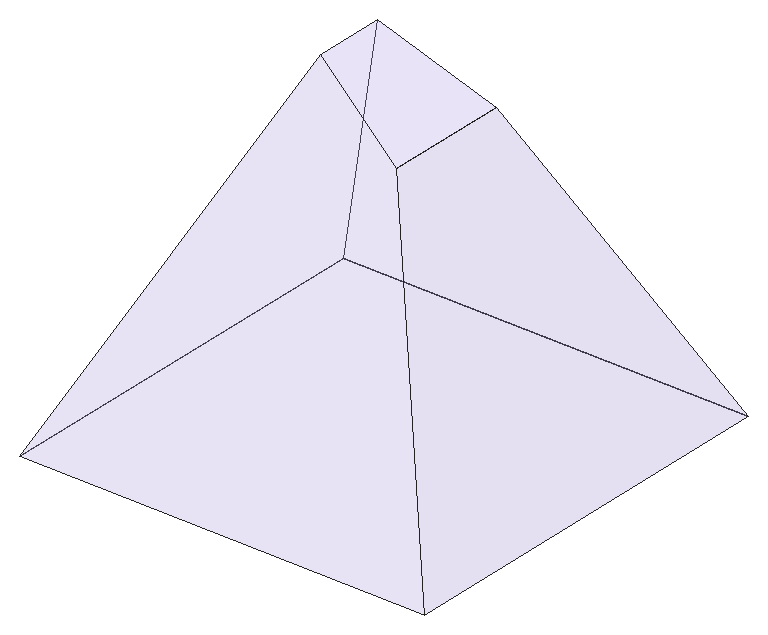
Revit family
Parameters
  폭 [instance] = 9000 mm
  매스 재료 [instance] = 기본 매스
  높이 [instance] = 9000 mm
  깊이 [instance] = 9000 mm
  Default Elevation = 1219.2 mm
  절단 높이 [instance] = 7000 mm
  절단 각도 [instance] = 30.00°
Reference planes
  plane 1 "중심(앞/뒤)": y = 12.955
  plane 2: z = 0
  plane 3 "중심(왼쪽/오른쪽)": x = -30.261
  plane 4: y = 4512.955
  plane 5: x = 4469.739
  plane 6: x = -4530.261
  plane 7: y = -4487.045
  plane 8: z = 9000
  plane 9: z = 7000
  plane 10: z = 16000
Forms (mm)
  Extrusion 1, solid, material "기본 매스"
    sketch origin (0, 0, 0) x (1, 0, 0) y (0, 1, 0)
      loop
        line (-4530.261, 4512.955) -> (-4530.261, -4487.045) -> (4469.739, -4487.045) -> (4469.739, 4512.955) -> (-4530.261, 4512.955)
    from 0 to 9000
  Extrusion 2, void
    sketch origin (0, 12.955, 0) x (1, 0, 0) y (0, 0, 1)
      loop
        line (-4682.661, 0) -> (-4377.861, 0) -> (-30.261, 9000) -> (4317.339, 0) -> (4622.139, 0) -> (4622.139, 9152.4) -> (-4682.661, 9152.4) -> (-4682.661, 0)
    from -4500 to 4500
  Extrusion 3, void
    sketch origin (-30.261, 0, 0) x (0, 1, 0) y (0, 0, 1)
      loop
        line (4665.355, 0) -> (4665.355, 9152.4) -> (-4639.445, 9152.4) -> (-4639.445, 0) -> (-4339.561, 0) -> (12.955, 9000) -> (4365.471, 0) -> (4665.355, 0)
    from -4500 to 4500
  Extrusion 4, void
    sketch origin (0, 12.955, 0) x (1, 0, 0) y (0, 0, 1)
      loop
        line (4469.739, 4401.924) -> (4469.739, 16000) -> (-4530.261, 16000) -> (-4530.261, 9598.076) -> (4469.739, 4401.924)
    from -4500 to 4500
Cuts and joins
  Extrusion 2, Extrusion 3, Extrusion 4 cuts Extrusion 1
Lines and regions (mm)
  reference lines
    curve 1: line (-30.261, 12.955, 7000) -> (-822.154, 12.955, 7457.2)
Dimensions and locks
  equal spacing: plane 6, plane 3 "중심(왼쪽/오른쪽)", plane 5
  "폭": plane 6 to plane 5
  equal spacing: plane 4, plane 1 "중심(앞/뒤)", plane 7
  "깊이": plane 4 to plane 7
  locked: plane 6 to Extrusion 2 sketch curve at 152.4
  locked: Extrusion 2 sketch curve to plane 8 at 152.4
  locked: Extrusion 2 sketch curve to plane 5 at 152.4
  locked: Extrusion 3 sketch curve to plane 4 at 152.4
  locked: Extrusion 3 sketch curve to plane 8 at 152.4
  locked: plane 7 to Extrusion 3 sketch curve at 152.4
  "절단 높이": plane 9 to plane 2
  "높이": plane 10 to plane 9
  locked: plane 2 to level
  "높이": plane 8 to plane 2
  "절단 각도": angle curve 1 to plane 9
  aligned and locked: Extrusion 1 sketch curve to plane 5
  aligned and locked: Extrusion 1 sketch curve to plane 6
  aligned and locked: Extrusion 1 sketch curve to plane 4
  aligned and locked: Extrusion 1 sketch curve to plane 7
  aligned and locked: plane 8 to Extrusion 1
  aligned and locked: Extrusion 2 sketch curve to Extrusion 2 sketch curve
  aligned and locked: Extrusion 2 sketch curve to cut or joined group of Extrusion 1, Extrusion 2, Extrusion 3, Extrusion 4
  aligned and locked: Extrusion 2 to plane 4
  aligned and locked: Extrusion 2 to plane 7
  aligned and locked: cut or joined group of Extrusion 1, Extrusion 2, Extrusion 3, Extrusion 4 to Extrusion 3 sketch curve
  aligned and locked: Extrusion 3 to plane 6
  aligned and locked: Extrusion 3 to plane 5
  aligned and locked: Extrusion 2 sketch curve to plane 2  (x2)
  aligned and locked: plane 2 to Extrusion 3 sketch curve  (x2)
  aligned and locked: cut or joined group of Extrusion 1, Extrusion 2, Extrusion 3, Extrusion 4 to plane 2
  aligned and locked: Extrusion 4 sketch curve to curve 1
  aligned and locked: plane 6 to Extrusion 4 sketch curve
  aligned and locked: Extrusion 4 sketch curve to plane 10
  aligned and locked: Extrusion 4 sketch curve to plane 5
  aligned and locked: plane 5 to Extrusion 4 sketch curve
  aligned and locked: Extrusion 4 to plane 4
  aligned and locked: Extrusion 4 to plane 7
Automatic sketch dimensions
  Extrusion 2 sketch curve to plane 3 "중심(왼쪽/오른쪽)" = 0 mm
  plane 6 to Extrusion 2 sketch curve = 152.4 mm
  Extrusion 2 sketch curve to plane 5 = 152.4 mm
  Extrusion 3 sketch curve to plane 1 "중심(앞/뒤)" = 0 mm
  plane 7 to Extrusion 3 sketch curve = 147.484 mm
  Extrusion 3 sketch curve to plane 4 = 147.484 mm
  curve 1 to plane 3 "중심(왼쪽/오른쪽)" = 0 mm
  curve 1 to plane 9 = 0 mm
